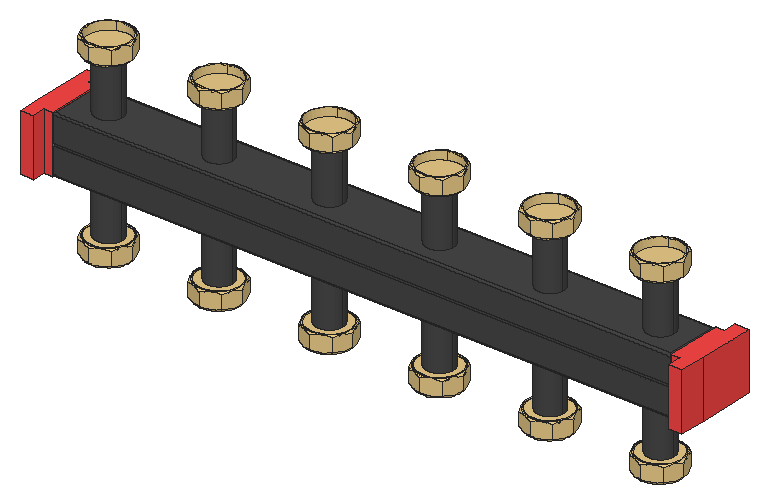
Revit family "Распределительныt коллектора ECO 2 DN25 и DN32", category Арматура трубопроводов, Revit 2022
Family settings
  Размер круглого соединителя = Использовать диаметр
  Тип детали = Вставляется
  На основе рабочей плоскости = Нет
  Всегда вертикально = Да
  При загрузке вырезать с полостями = Нет
  Общий = Да
Parameters (values of type "ECO2 DN32 5-контуров")
  Default Elevation = 0 mm
  Description = ""
  Loss Method = (empty or 0)
  Keynote = ""
  Изготовитель = "Huch EnTEC"  # constant formula
  Группа модели = "Коллекторы ECO2"  # constant formula
  Гайка = 11.268 mm
  ΔT = 0 °C
  z = 121 mm
  Зависимость №2 = Зависимость №1 / 2  # 3
  Зависимость №1 = 6
  Q max = 0 W
  G = 15 mm
  E = 750 mm
  F = 48 mm
  D1 = 32 mm
  D = 205 mm
  Изоляция [instance] = no
  C = 130.518 mm
  Консоль = 500 mm
  Комплект консолей [instance] = no
  B = 125 mm
  ADSK_Обозначение = ""
  ADSK_Наименование краткое = "Коллектор, ECO2 DN32 5-контуров"
  ADSK_Наименование = "Распределительный коллектор ECO2 DN32 на 5 отопительных контура до 160кВт"
  ADSK_Масса_Текст = ""
  ADSK_Масса = 8.5
  ADSK_Марка = ""
  ADSK_Количество = 1  # constant formula
  ADSK_Код изделия = ""
  ADSK_Завод-изготовитель = "Huch EnTEC"  # constant formula
  ADSK_Единица измерения = "шт."  # constant formula
  A = 62.5 mm
Types (6, lengths in mm): name | Зависимость №2 | Зависимость №1 | E | D1 | D | Консоль | ADSK_Наименование краткое | ADSK_Наименование | ADSK_Масса
  (no name) | 3 | 6 | 750 | 32 | 205 | 500 | "Коллектор, ECO2 DN32 5-контуров" | "Распределительный коллектор ECO2 DN32 на 5 отопительных контура до 160кВт" | 8.5
  ECO2 DN25 3-контура | 2 | 4 | 500 | 25 | 178 | 250 | "Коллектор, ECO2 DN25 3-контура" | "Распределительный коллектор ECO2 DN25 на 3 отопительных контура до 120кВт" | 5.8
  ECO2 DN25 5-контуров | 3 | 6 | 750 | 25 | 205 | 500 | "Коллектор, ECO2 DN25 5-контуров" | "Распределительный коллектор ECO2 DN25 на 5 отопительных контура до 120кВт" | 8.5
  ECO2 DN25 7-контуров | 4 | 8 | 1000 | 25 | 205 | 750 | "Коллектор, ECO2 DN25 7-контуров" | "Распределительный коллектор ECO2 DN25 на 7 отопительных контура до 120кВт" | 1
  ECO2 DN32 3-контура | 2 | 4 | 500 | 32 | 178 | 250 | "Коллектор, ECO2 DN32 3-контура" | "Распределительный коллектор ECO2 DN32 на 3 отопительных контура до 160кВт" | 5.8
  ECO2 DN32 5-контуров | 3 | 6 | 750 | 32 | 205 | 500 | "Коллектор, ECO2 DN32 5-контуров" | "Распределительный коллектор ECO2 DN32 на 5 отопительных контура до 160кВт" | 8.5
Reference planes
  plane 1 "По центру (Вперед/Назад)": y = 0
  plane 2: z = 0
  plane 3 "По центру (Влево/Вправо)": x = 0
  plane 4: x = -375
  plane 5 "Right": x = 375
  plane 6: z = 102.5
  plane 7: z = -102.5
  plane 8: y = 65.259
  plane 9: y = -65.259
  plane 10: x = -312.5
  plane 11: x = -187.5
  plane 12: x = -267.187
  plane 13: z = 60.5
  plane 14: z = -60.5
  plane 15: z = 53.264
  plane 16: z = -53.264
  plane 17: y = -60.759
  plane 18: x = -232.787
  plane 19: y = 60.759
  plane 20: z = 53.264
  plane 21: z = -53.264
  plane 22: x = 232.788
  plane 23: z = 101.681
  plane 24: z = 97.476
  plane 25: z = 76.074
  plane 26: z = 66.362
  plane 27 "Ширина гайки": x = -338.194
  plane 28: x = 267.187
  plane 29: x = 312.5
  plane 30: x = 187.5
  plane 31: x = -283.615
  plane 32: x = -327.803
  plane 33: z = -82.476
  plane 34: z = -76.074
  plane 35: x = -297.197
  plane 36: x = -172.197
  plane 37: x = -250
  plane 38: x = 250
  plane 39: x = 350
  plane 40: x = -350
  plane 41: y = -31.772
  plane 42: z = 32.366
  plane 43: y = 31.772
  plane 44: z = -32.366
  plane 45: x = -62.5
  plane 46: x = 62.5
  plane 47: z = 69.824
  plane 48: z = -69.824
Forms (mm)
  Extrusion 1, solid, material "Huch EnTEC _Black", visible <- "Изоляция"
    sketch origin (0, 0, 0) x (0, 1, 0) y (0, 0, -1)
      loop
        line (-60.759, 51.264) -> (-60.759, -51.264)
        arc (-60.759, -51.264) -> (-60.173, -52.678) -> (-58.759, -53.264) r 2
        line (-58.759, -53.264) -> (-31.502, -53.264)
        arc (-31.502, -53.264) -> (-30.379, -54.386) -> (-29.257, -53.264) r 1.122
        line (-29.257, -53.264) -> (0, -53.264) -> (0, 53.264) -> (-29.257, 53.264)
        arc (-29.257, 53.264) -> (-30.379, 54.386) -> (-31.502, 53.264) r 1.122
        line (-31.502, 53.264) -> (-58.759, 53.264)
        arc (-58.759, 53.264) -> (-60.173, 52.678) -> (-60.759, 51.264) r 2
    from -267.187 to -232.788
  Extrusion 2, solid, material "Huch EnTEC _Black", visible <- "Изоляция"
    sketch origin (0, 0, 0) x (0, -1, 0) y (0, 0, 1)
      loop
        arc (-60.759, -51.264) -> (-60.173, -52.678) -> (-58.759, -53.264) r 2
        line (-58.759, -53.264) -> (-31.502, -53.264)
        arc (-31.502, -53.264) -> (-30.379, -54.386) -> (-29.257, -53.264) r 1.122
        line (-29.257, -53.264) -> (0, -53.264) -> (0, 53.264) -> (-29.257, 53.264)
        arc (-29.257, 53.264) -> (-30.379, 54.386) -> (-31.502, 53.264) r 1.122
        line (-31.502, 53.264) -> (-58.759, 53.264)
        arc (-58.759, 53.264) -> (-60.173, 52.678) -> (-60.759, 51.264) r 2
        line (-60.759, 51.264) -> (-60.759, -51.264)
    from -267.187 to -232.788
  Extrusion 3, solid, material "Huch EnTEC _Black", visible <- "Изоляция"
    sketch origin (0, 0, 0) x (0, -1, 0) y (0, 0, -1)
      loop
        line (-60.759, 51.264) -> (-60.759, -51.264)
        arc (-60.759, -51.264) -> (-60.173, -52.678) -> (-58.759, -53.264) r 2
        line (-58.759, -53.264) -> (-31.502, -53.264)
        arc (-31.502, -53.264) -> (-30.379, -54.386) -> (-29.257, -53.264) r 1.122
        line (-29.257, -53.264) -> (0, -53.264) -> (0, 53.264) -> (-29.257, 53.264)
        arc (-29.257, 53.264) -> (-30.379, 54.386) -> (-31.502, 53.264) r 1.122
        line (-31.502, 53.264) -> (-58.759, 53.264)
        arc (-58.759, 53.264) -> (-60.173, 52.678) -> (-60.759, 51.264) r 2
    from -232.787 to -267.187
  Extrusion 4, solid, material "Huch EnTEC _Black"
    sketch origin (0, 0, 0) x (1, 0, 0) y (0, 1, 0)
      loop
        circle (-312.5, 0) r 15.303
    from -95 to 95
  Extrusion 5, solid, material "Huch EnTEC _Black"
    sketch origin (125, 0, 0) x (1, 0, 0) y (0, 1, 0)
      loop
        circle (-312.5, 0) r 15.303
    from -95 to 95
  Extrusion 6, solid, material "Huch EnTEC _Black"
    sketch origin (250, 0, 0) x (1, 0, 0) y (0, 1, 0)
      loop
        circle (-312.5, 0) r 15.303
    from -95 to 95
  Extrusion 7, solid, material "Huch EnTEC _Black"
    sketch origin (375, 0, 0) x (1, 0, 0) y (0, 1, 0)
      loop
        circle (-312.5, 0) r 15.303
    from -95 to 95
  Extrusion 8, solid, material "Huch EnTEC _Black", visible <- "Изоляция"
    sketch origin (0, 0, 0) x (0, 1, 0) y (0, 0, 1)
      loop
        arc (-60.759, -51.264) -> (-60.173, -52.678) -> (-58.759, -53.264) r 2
        line (-58.759, -53.264) -> (-31.502, -53.264)
        arc (-31.502, -53.264) -> (-30.379, -54.386) -> (-29.257, -53.264) r 1.122
        line (-29.257, -53.264) -> (0, -53.264) -> (0, 53.264) -> (-29.257, 53.264)
        arc (-29.257, 53.264) -> (-30.379, 54.386) -> (-31.502, 53.264) r 1.122
        line (-31.502, 53.264) -> (-58.759, 53.264)
        arc (-58.759, 53.264) -> (-60.173, 52.678) -> (-60.759, 51.264) r 2
        line (-60.759, 51.264) -> (-60.759, -51.264)
    from -232.787 to -267.187
  Extrusion 9, solid, material "Huch EnTEC _Black"
    sketch origin (0, 0, 0) x (1, 0, 0) y (0, 0, 1)
      loop
        arc (-348, 32.366) -> (-349.414, 31.78) -> (-350, 30.366) r 2
        line (-350, 30.366) -> (-350, 1.609) -> (-348.391, 1.609) -> (-348.391, -1.609) -> (-350, -1.609) -> (-350, -30.366)
        arc (-350, -30.366) -> (-349.414, -31.78) -> (-348, -32.366) r 2
        line (-348, -32.366) -> (348, -32.366)
        arc (348, -32.366) -> (349.414, -31.78) -> (350, -30.366) r 2
        line (350, -30.366) -> (350, -1.609) -> (348.391, -1.609) -> (348.391, 1.609) -> (350, 1.609) -> (350, 30.366)
        arc (350, 30.366) -> (349.414, 31.78) -> (348, 32.366) r 2
        line (348, 32.366) -> (-348, 32.366)
    from -31.772 to 31.772
  Extrusion 10, void
    sketch origin (0, 0, 0) x (0, 1, 0) y (0, 0, 1)
      loop
        line (31.772, 30.366) -> (31.772, 32.366) -> (29.772, 32.366)
        arc (29.772, 32.366) -> (31.186, 31.78) -> (31.772, 30.366) r 2
      loop
        arc (-31.772, 30.366) -> (-31.186, 31.78) -> (-29.772, 32.366) r 2
        line (-29.772, 32.366) -> (-31.772, 32.366) -> (-31.772, 30.366)
      loop
        arc (31.772, -30.366) -> (31.186, -31.78) -> (29.772, -32.366) r 2
        line (29.772, -32.366) -> (31.772, -32.366) -> (31.772, -30.366)
      loop
        line (-31.772, -30.366) -> (-31.772, -32.366) -> (-29.772, -32.366)
        arc (-29.772, -32.366) -> (-31.186, -31.78) -> (-31.772, -30.366) r 2
    from -350 to 350
  Extrusion 11, void
    sketch origin (0, 0, 0) x (0, 1, 0) y (0, 0, 1)
      loop
        line (31.772, 1.609) -> (30.972, 1.609) -> (30.972, -1.609) -> (31.772, -1.609) -> (31.772, 1.609)
      loop
        line (-31.772, 1.609) -> (-31.772, -1.609) -> (-30.972, -1.609) -> (-30.972, 1.609) -> (-31.772, 1.609)
    from -350 to 350
  Extrusion 12, solid, material "Huch EnTEC_Red"
    sketch origin (0, 0, 0) x (1, 0, 0) y (0, 1, 0)
      loop
        line (-350.029, 31.799) -> (-360.029, 31.799) -> (-360.029, 46.799) -> (-375, 46.799) -> (-375, -18.201) -> (-375, -46.772) -> (-360.029, -46.772) -> (-360.029, -31.772) -> (-350.029, -31.772) -> (-350.029, 31.799)
    from -32.366 to 32.366
  Extrusion 13, solid, material "Huch EnTEC _Black", visible <- "Изоляция"
    sketch origin (0, 0, 0) x (0, 1, 0) y (0, 0, 1)
      loop
        line (0.014, -69.824) -> (0.014, -32.366) -> (-46.772, -32.366) -> (-46.772, 32.366) -> (0, 32.366) -> (0, 69.824) -> (-70, 69.824)
        arc (-70, 69.824) -> (-80.164, 0) -> (-70, -69.824) r 244.909
        line (-70, -69.824) -> (0.014, -69.824)
    from -375 to 375
  Extrusion 14, solid, material "Huch EnTEC_Red"
    sketch origin (-0.029, -0.003, 0) x (-1, 0, 0) y (0, -1, 0)
      loop
        line (-350.029, -31.799) -> (-350.029, 31.772) -> (-360.029, 31.772) -> (-360.029, 46.772) -> (-375, 46.772) -> (-375, 18.201) -> (-375, -46.799) -> (-360.029, -46.799) -> (-360.029, -31.799) -> (-350.029, -31.799)
    from -32.366 to 32.366
  Extrusion 15, solid, material "Huch EnTEC _Black", visible <- "Изоляция"
    sketch origin (0, 0, 0) x (0, -1, 0) y (0, 0, -1)
      loop
        line (0.014, 69.824) -> (-70, 69.824)
        arc (-70, 69.824) -> (-80.164, 0) -> (-70, -69.824) r 244.909
        line (-70, -69.824) -> (0, -69.824) -> (0, -32.366) -> (-46.772, -32.366) -> (-46.772, 32.366) -> (0.014, 32.366) -> (0.014, 69.824)
    from -375 to 375
  Extrusion 16, solid, material "Huch EnTEC_Silver", visible <- "Комплект консолей"
    sketch origin (0, 0, 0) x (0, 1, 0) y (0, 0, 1)
      loop
        line (-73.45, -69.824) -> (73.45, -69.824) -> (73.45, 69.824) -> (-73.45, 69.824) -> (-73.45, -69.824)
      loop
        line (132.075, 69.824) -> (132.075, 119.824) -> (127.075, 119.824) -> (127.075, 74.824) -> (-78.7, 74.824) -> (-103.7, 74.824) -> (-103.7, 65.723) -> (-85.982, 65.723)
        arc (-85.982, 65.723) -> (-82.289, 64.193) -> (-80.759, 60.5) r 5.223
        line (-80.759, 60.5) -> (-80.759, -60.5)
        arc (-80.759, -60.5) -> (-82.289, -64.193) -> (-85.982, -65.723) r 5.223
        line (-85.982, -65.723) -> (-103.7, -65.723) -> (-103.7, -74.824) -> (-78.7, -74.824) -> (127.075, -74.824) -> (127.075, -133.574) -> (132.075, -133.574) -> (132.075, -69.824) -> (95.982, -69.824) -> (95.982, -65.723) -> (85.982, -65.723)
        arc (85.982, -65.723) -> (82.289, -64.193) -> (80.759, -60.5) r 5.223
        line (80.759, -60.5) -> (80.759, 60.5)
        arc (80.759, 60.5) -> (82.289, 64.193) -> (85.982, 65.723) r 5.223
        line (85.982, 65.723) -> (95.982, 65.723) -> (95.982, 69.824) -> (132.075, 69.824)
    from -232.787 to -267.187
  Extrusion 17, void
    sketch origin (0, 0, 0) x (1, 0, 0) y (0, 1, 0)
      loop
        arc (-242.741, -36.982) -> (-250.241, -29.482) -> (-257.741, -36.982) r 7.5
        line (-257.741, -36.982) -> (-257.741, -85.759)
        arc (-257.741, -85.759) -> (-250.241, -93.259) -> (-242.741, -85.759) r 7.5
        line (-242.741, -85.759) -> (-242.741, -36.982)
      loop
        arc (-242.707, 109.613) -> (-250.207, 117.113) -> (-257.707, 109.613) r 7.5
        line (-257.707, 109.613) -> (-257.707, 66.497)
        arc (-257.707, 66.497) -> (-250.207, 58.997) -> (-242.707, 66.497) r 7.5
        line (-242.707, 66.497) -> (-242.707, 109.613)
    from 69.824 to 74.824
  Extrusion 18, void
    sketch origin (749.975, 0, -144.648) x (1, 0, 0) y (0, 1, 0)
      loop
        arc (-492.741, -36.982) -> (-500.241, -29.482) -> (-507.741, -36.982) r 7.5
        line (-507.741, -36.982) -> (-507.741, -85.759)
        arc (-507.741, -85.759) -> (-500.241, -93.259) -> (-492.741, -85.759) r 7.5
        line (-492.741, -85.759) -> (-492.741, -36.982)
      loop
        arc (-492.707, 109.613) -> (-500.207, 117.113) -> (-507.707, 109.613) r 7.5
        line (-507.707, 109.613) -> (-507.707, 66.497)
        arc (-507.707, 66.497) -> (-500.207, 58.997) -> (-492.707, 66.497) r 7.5
        line (-492.707, 66.497) -> (-492.707, 109.613)
    from 69.824 to 74.824
  Extrusion 19, void
    sketch origin (0, 0, 0) x (1, 0, 0) y (0, 1, 0)
      loop
        line (-257.741, -36.982) -> (-257.741, -85.759)
        arc (-257.741, -85.759) -> (-250.241, -93.259) -> (-242.741, -85.759) r 7.5
        line (-242.741, -85.759) -> (-242.741, -36.982)
        arc (-242.741, -36.982) -> (-250.241, -29.482) -> (-257.741, -36.982) r 7.5
      loop
        arc (-242.707, 109.613) -> (-250.207, 117.113) -> (-257.707, 109.613) r 7.5
        line (-257.707, 109.613) -> (-257.707, 66.497)
        arc (-257.707, 66.497) -> (-250.207, 58.997) -> (-242.707, 66.497) r 7.5
        line (-242.707, 66.497) -> (-242.707, 109.613)
    from -74.824 to -69.824
  Extrusion 20, solid, material "Huch EnTEC_Silver", visible <- "Комплект консолей"
    sketch origin (749.975, 0, 0) x (0, 1, 0) y (0, 0, 1)
      loop
        line (-73.45, -69.824) -> (73.45, -69.824) -> (73.45, 69.824) -> (-73.45, 69.824) -> (-73.45, -69.824)
      loop
        line (132.075, 69.824) -> (132.075, 119.824) -> (127.075, 119.824) -> (127.075, 74.824) -> (-78.7, 74.824) -> (-103.7, 74.824) -> (-103.7, 65.723) -> (-85.982, 65.723)
        arc (-85.982, 65.723) -> (-82.289, 64.193) -> (-80.759, 60.5) r 5.223
        line (-80.759, 60.5) -> (-80.759, -60.5)
        arc (-80.759, -60.5) -> (-82.289, -64.193) -> (-85.982, -65.723) r 5.223
        line (-85.982, -65.723) -> (-103.7, -65.723) -> (-103.7, -74.824) -> (-78.7, -74.824) -> (127.075, -74.824) -> (127.075, -133.574) -> (132.075, -133.574) -> (132.075, -69.824) -> (95.982, -69.824) -> (95.982, -65.723) -> (85.982, -65.723)
        arc (85.982, -65.723) -> (82.289, -64.193) -> (80.759, -60.5) r 5.223
        line (80.759, -60.5) -> (80.759, 60.5)
        arc (80.759, 60.5) -> (82.289, 64.193) -> (85.982, 65.723) r 5.223
        line (85.982, 65.723) -> (95.982, 65.723) -> (95.982, 69.824) -> (132.075, 69.824)
    from -482.787 to -517.187
  Extrusion 21, void
    sketch origin (749.975, 0, 0) x (1, 0, 0) y (0, 1, 0)
      loop
        arc (-492.741, -36.982) -> (-500.241, -29.482) -> (-507.741, -36.982) r 7.5
        line (-507.741, -36.982) -> (-507.741, -85.759)
        arc (-507.741, -85.759) -> (-500.241, -93.259) -> (-492.741, -85.759) r 7.5
        line (-492.741, -85.759) -> (-492.741, -36.982)
      loop
        arc (-492.707, 109.613) -> (-500.207, 117.113) -> (-507.707, 109.613) r 7.5
        line (-507.707, 109.613) -> (-507.707, 66.497)
        arc (-507.707, 66.497) -> (-500.207, 58.997) -> (-492.707, 66.497) r 7.5
        line (-492.707, 66.497) -> (-492.707, 109.613)
    from 69.824 to 74.824
  Extrusion 22, void
    sketch origin (749.975, 0, 0) x (1, 0, 0) y (0, 1, 0)
      loop
        line (-507.741, -36.982) -> (-507.741, -85.759)
        arc (-507.741, -85.759) -> (-500.241, -93.259) -> (-492.741, -85.759) r 7.5
        line (-492.741, -85.759) -> (-492.741, -36.982)
        arc (-492.741, -36.982) -> (-500.241, -29.482) -> (-507.741, -36.982) r 7.5
      loop
        arc (-492.707, 109.613) -> (-500.207, 117.113) -> (-507.707, 109.613) r 7.5
        line (-507.707, 109.613) -> (-507.707, 66.497)
        arc (-507.707, 66.497) -> (-500.207, 58.997) -> (-492.707, 66.497) r 7.5
        line (-492.707, 66.497) -> (-492.707, 109.613)
    from -74.824 to -69.824
  Extrusion 23, solid, material "Huch EnTEC_Silver", visible <- "Комплект консолей"
    sketch origin (0, 0, 0) x (1, 0, 0) y (0, 1, 0)
      loop
        line (-250, -82.168) -> (-255.919, -85.6) -> (-255.919, -92.464) -> (-250, -95.896) -> (-244.056, -92.464) -> (-244.056, -85.6) -> (-250, -82.168)
      loop
        line (250, -82.168) -> (244.056, -85.6) -> (244.056, -92.464) -> (250, -95.896) -> (255.919, -92.464) -> (255.919, -85.6) -> (250, -82.168)
    from -65.723 to -60.508
  Extrusion 24, solid, material "Huch EnTEC _Black"
    sketch origin (500, 0, 0) x (1, 0, 0) y (0, 1, 0)
      loop
        circle (-312.5, 0) r 15.303
    from -95 to 95
  Extrusion 25, solid, material "Huch EnTEC _Black"
    sketch origin (625, 0, 0) x (1, 0, 0) y (0, 1, 0)
      loop
        circle (-312.5, 0) r 15.303
    from -95 to 95
Cuts and joins
  Extrusion 10, Extrusion 11, Extrusion 17, Extrusion 19 cuts Extrusion 9
  Extrusion 17, Extrusion 18, Extrusion 19, Extrusion 21, Extrusion 22 cuts Extrusion 13
  Extrusion 18, Extrusion 19, Extrusion 21, Extrusion 22 cuts Extrusion 15
  Extrusion 17, Extrusion 19 cuts Extrusion 8
  Extrusion 17, Extrusion 18, Extrusion 19, Extrusion 21, Extrusion 22 cuts Extrusion 16
  Extrusion 19 cuts Extrusion 3
  Extrusion 21, Extrusion 22 cuts Extrusion 20
Dimensions and locks
  equal spacing: plane 5 "Right", plane 3 "По центру (Влево/Вправо)", plane 4
  "E": plane 5 "Right" to plane 4
  equal spacing: plane 6, level, plane 7
  "D": plane 6 to plane 7
  "A": plane 10 to plane 4
  "B": plane 11 to plane 10
  equal spacing: plane 8, plane 1 "По центру (Вперед/Назад)", plane 9
  "C": plane 8 to plane 9
  equal spacing: plane 13, level, plane 14
  "z": plane 13 to plane 14
  "A": plane 5 "Right" to plane 29
  "B": plane 30 to plane 29
  locked: plane 28 to plane 22 at 34.4
  locked: plane 5 "Right" to plane 28 at 107.813
  locked: plane 12 to plane 4 at 107.813
  locked: plane 18 to plane 12 at 34.4
  equal spacing: group 1, group 2, group 3, group 4, group 9, group 10  (x3)
  locked: Extrusion 4 to plane 4 at 47.197
  equal spacing: group 5, group 6, group 7, group 8, group 11, group 12  (x3)
  locked: nested 1 to plane 4 at 35.17
  nested 1 to nested 3 = 125 mm
  locked: nested 1 to nested 3 at 125
  locked: plane 35 to plane 10 at 15.303
  "B": plane 36 to plane 35
  equal spacing: plane 38, plane 3 "По центру (Влево/Вправо)", plane 37
  "Консоль": plane 38 to plane 37
  locked: plane 38 to plane 39 at 100
  locked: plane 37 to plane 40 at 100
  "B": plane 46 to plane 30
  "B": plane 45 to plane 46
  locked: plane 45 to connector elem  (x2)
  locked: connector elem to plane 1 "По центру (Вперед/Назад)"  (x8)
  locked: plane 46 to connector elem  (x2)
  locked: plane 30 to connector elem  (x2)
  locked: plane 29 to connector elem  (x2)
  equal spacing: plane 47, level, plane 48
  plane 47 to plane 48 = 139.648 mm
  plane 4 to plane 5 "Right" = 750 mm
  Extrusion 16 sketch curve to Extrusion 13 = 5 mm
  locked: cut or joined group of Extrusion 16, Extrusion 17, Extrusion 18, Extrusion 19, Extrusion 21, Extrusion 22 to cut or joined group of Extrusion 16, Extrusion 17, Extrusion 18, Extrusion 19, Extrusion 21, Extrusion 22 at 9.447  (x3)
  locked: cut or joined group of Extrusion 16, Extrusion 17, Extrusion 18, Extrusion 19, Extrusion 21, Extrusion 22 to cut or joined group of Extrusion 16, Extrusion 17, Extrusion 18, Extrusion 19, Extrusion 21, Extrusion 22 at 9.953  (x3)
  locked: cut or joined group of Extrusion 16, Extrusion 17, Extrusion 18, Extrusion 19, Extrusion 21, Extrusion 22 to cut or joined group of Extrusion 16, Extrusion 17, Extrusion 18, Extrusion 19, Extrusion 21, Extrusion 22 at 9.48  (x3)
  locked: cut or joined group of Extrusion 16, Extrusion 17, Extrusion 18, Extrusion 19, Extrusion 21, Extrusion 22 to cut or joined group of Extrusion 16, Extrusion 17, Extrusion 18, Extrusion 19, Extrusion 21, Extrusion 22 at 9.92  (x2)
  "Гайка": Extrusion 23 sketch curve to cut or joined group of Extrusion 16, Extrusion 17, Extrusion 18, Extrusion 19, Extrusion 21, Extrusion 22
  "Гайка": cut or joined group of Extrusion 16, Extrusion 17, Extrusion 18, Extrusion 19, Extrusion 21, Extrusion 22 to Extrusion 23 sketch curve
  "Гайка": cut or joined group of Extrusion 20, Extrusion 21, Extrusion 22 to Extrusion 23 sketch curve
  "Гайка": Extrusion 23 sketch curve to cut or joined group of Extrusion 20, Extrusion 21, Extrusion 22
  plane 24 to level = 97.476 mm
  aligned and locked: level to plane 2
  aligned and locked: plane 35 to Extrusion 4
  aligned and locked: plane 36 to Extrusion 5
  aligned and locked: plane 18 to Extrusion 3
  aligned and locked: Extrusion 3 to plane 12
  aligned and locked: Extrusion 8 to plane 12
  aligned and locked: plane 18 to Extrusion 8
  aligned and locked: plane 22 to Extrusion 1
  aligned and locked: plane 22 to Extrusion 2
  aligned and locked: plane 28 to Extrusion 1
  aligned and locked: plane 28 to Extrusion 2
  aligned and locked: Extrusion 9 sketch curve to plane 40  (x2)
  aligned and locked: Extrusion 9 sketch curve to plane 39  (x2)
  aligned and locked: Extrusion 9 to plane 43
  aligned and locked: Extrusion 10 to plane 40
  aligned and locked: plane 39 to Extrusion 10
  aligned and locked: plane 40 to Extrusion 11
  aligned and locked: plane 39 to Extrusion 11
  aligned and locked: plane 5 "Right" to Extrusion 13
  aligned and locked: Extrusion 13 to plane 4
  aligned and locked: Extrusion 15 to plane 4
  aligned and locked: plane 5 "Right" to Extrusion 15
  aligned and locked: plane 18 to Extrusion 16
  aligned and locked: Extrusion 16 to plane 12
  aligned and locked: Extrusion 20 to Extrusion 1
  aligned and locked: plane 22 to Extrusion 20
Automatic sketch dimensions
  Extrusion 1 sketch curve to plane 17 = 0 mm
  Extrusion 1 sketch curve to plane 15 = 0 mm
  plane 16 to Extrusion 1 sketch curve = 0 mm
  Extrusion 1 sketch curve to plane 1 "По центру (Вперед/Назад)" = 0 mm
  Extrusion 1 sketch curve to Extrusion 1 sketch curve = 2 mm  (x2)
  plane 41 to Extrusion 1 sketch curve = 0.27 mm  (x2)
  Extrusion 1 sketch curve to Extrusion 1 sketch curve = 1.122 mm  (x2)
  Extrusion 8 sketch curve to plane 17 = 0 mm
  Extrusion 8 sketch curve to plane 15 = 0 mm
  plane 16 to Extrusion 8 sketch curve = 0 mm
  Extrusion 8 sketch curve to plane 1 "По центру (Вперед/Назад)" = 0 mm
  Extrusion 8 sketch curve to Extrusion 8 sketch curve = 2 mm  (x2)
  plane 41 to Extrusion 8 sketch curve = 0.27 mm  (x2)
  Extrusion 8 sketch curve to Extrusion 8 sketch curve = 1.122 mm  (x2)
  Extrusion 13 sketch curve to plane 48 = 0 mm
  Extrusion 13 sketch curve to plane 47 = 0 mm
  Extrusion 13 sketch curve to plane 42 = 0 mm
  Extrusion 13 sketch curve to plane 44 = 0 mm
  Extrusion 13 sketch curve to plane 1 "По центру (Вперед/Назад)" = 0 mm
  Extrusion 13 sketch curve to level = 0 mm
  Extrusion 13 sketch curve to plane 17 = 13.987 mm
  plane 9 to Extrusion 13 sketch curve = 4.741 mm
  Extrusion 13 sketch curve to plane 1 "По центру (Вперед/Назад)" = 0.014 mm
  plane 8 to Extrusion 13 sketch curve = 99.486 mm
  Extrusion 15 sketch curve to plane 48 = 0 mm
  Extrusion 15 sketch curve to plane 47 = 0 mm
  plane 42 to Extrusion 15 sketch curve = 0 mm
  plane 44 to Extrusion 15 sketch curve = 0 mm
  Extrusion 15 sketch curve to plane 1 "По центру (Вперед/Назад)" = 0 mm
  Extrusion 15 sketch curve to level = 0 mm
  Extrusion 15 sketch curve to plane 19 = 13.987 mm
  plane 8 to Extrusion 15 sketch curve = 4.741 mm
  plane 1 "По центру (Вперед/Назад)" to Extrusion 15 sketch curve = 0.014 mm
  plane 9 to Extrusion 15 sketch curve = 99.486 mm
  plane 48 to Extrusion 16 sketch curve = 4.101 mm  (x2)
  plane 13 to Extrusion 16 sketch curve = 0 mm  (x2)
  Extrusion 16 sketch curve to plane 14 = 0 mm  (x2)
  plane 9 to Extrusion 16 sketch curve = 38.441 mm
  Extrusion 16 sketch curve to Extrusion 16 sketch curve = 17.718 mm  (x2)
  Extrusion 16 sketch curve to Extrusion 16 sketch curve = 7.282 mm  (x2)
  Extrusion 16 sketch curve to plane 34 = 1.25 mm
  Extrusion 16 sketch curve to Extrusion 16 sketch curve = 5.25 mm
  Extrusion 16 sketch curve to plane 26 = 0.639 mm  (x2)
  Extrusion 16 sketch curve to Extrusion 16 sketch curve = 10 mm  (x2)
  Extrusion 16 sketch curve to Extrusion 16 sketch curve = 31.093 mm  (x2)
  plane 23 to Extrusion 16 sketch curve = 18.143 mm
  Extrusion 16 sketch curve to Extrusion 16 sketch curve = 5 mm  (x2)
  plane 7 to Extrusion 16 sketch curve = 31.074 mm
  plane 8 to Extrusion 16 sketch curve = 8.191 mm
  Extrusion 16 sketch curve to plane 47 = 0 mm  (x2)
  Extrusion 16 sketch curve to Extrusion 16 sketch curve = 12.532 mm
  Extrusion 16 sketch curve to plane 48 = 0 mm  (x2)
  plane 38 to Extrusion 18 sketch curve = 7.766 mm
  plane 38 to Extrusion 18 sketch curve = 7.732 mm
  plane 38 to Extrusion 18 sketch curve = 0.266 mm
  plane 38 to Extrusion 18 sketch curve = 0.232 mm
  plane 9 to Extrusion 18 sketch curve = 20.5 mm
  Extrusion 18 sketch curve to plane 41 = 5.21 mm
  plane 8 to Extrusion 18 sketch curve = 1.238 mm
  Extrusion 18 sketch curve to Extrusion 18 sketch curve = 43.116 mm
  plane 13 to Extrusion 20 sketch curve = 0 mm  (x2)
  Extrusion 20 sketch curve to plane 14 = 0 mm  (x2)
  Extrusion 20 sketch curve to plane 48 = 0 mm  (x2)
  Extrusion 20 sketch curve to plane 47 = 0 mm  (x2)
  Extrusion 20 sketch curve to plane 25 = 1.25 mm
  plane 9 to Extrusion 20 sketch curve = 38.441 mm  (x2)
  Extrusion 20 sketch curve to plane 34 = 1.25 mm
  Extrusion 20 sketch curve to Extrusion 20 sketch curve = 17.718 mm  (x2)
  plane 48 to Extrusion 20 sketch curve = 4.101 mm
  Extrusion 20 sketch curve to Extrusion 20 sketch curve = 7.282 mm  (x2)
  Extrusion 20 sketch curve to Extrusion 20 sketch curve = 5.25 mm
  plane 8 to Extrusion 20 sketch curve = 8.191 mm
  Extrusion 20 sketch curve to Extrusion 20 sketch curve = 7.309 mm
  Extrusion 20 sketch curve to Extrusion 20 sketch curve = 5.223 mm
  Extrusion 20 sketch curve to plane 26 = 0.639 mm
  Extrusion 20 sketch curve to Extrusion 20 sketch curve = 10 mm  (x2)
  plane 23 to Extrusion 20 sketch curve = 18.143 mm
  Extrusion 20 sketch curve to Extrusion 20 sketch curve = 31.093 mm
  plane 8 to Extrusion 20 sketch curve = 61.816 mm
  Extrusion 20 sketch curve to Extrusion 20 sketch curve = 5 mm  (x2)
  plane 7 to Extrusion 20 sketch curve = 31.074 mm
  plane 38 to Extrusion 21 sketch curve = 7.766 mm
  plane 38 to Extrusion 21 sketch curve = 7.732 mm
  plane 38 to Extrusion 21 sketch curve = 0.266 mm
  plane 38 to Extrusion 21 sketch curve = 0.232 mm
  plane 9 to Extrusion 21 sketch curve = 20.5 mm
  Extrusion 21 sketch curve to plane 41 = 5.21 mm
  plane 8 to Extrusion 21 sketch curve = 1.238 mm
  Extrusion 21 sketch curve to Extrusion 21 sketch curve = 43.116 mm
  plane 38 to Extrusion 22 sketch curve = 7.766 mm
  plane 38 to Extrusion 22 sketch curve = 7.732 mm
  plane 38 to Extrusion 22 sketch curve = 0.266 mm
  plane 38 to Extrusion 22 sketch curve = 0.232 mm
  plane 9 to Extrusion 22 sketch curve = 20.5 mm
  Extrusion 22 sketch curve to plane 41 = 5.21 mm
  plane 8 to Extrusion 22 sketch curve = 1.238 mm
  Extrusion 22 sketch curve to Extrusion 22 sketch curve = 43.116 mm
  Extrusion 2 sketch curve to plane 19 = 0 mm
  Extrusion 2 sketch curve to plane 15 = 0 mm
  plane 16 to Extrusion 2 sketch curve = 0 mm
  Extrusion 2 sketch curve to plane 1 "По центру (Вперед/Назад)" = 0 mm
  Extrusion 2 sketch curve to Extrusion 2 sketch curve = 2 mm  (x2)
  plane 43 to Extrusion 2 sketch curve = 0.27 mm  (x2)
  Extrusion 2 sketch curve to Extrusion 2 sketch curve = 1.122 mm  (x2)
  Extrusion 3 sketch curve to plane 19 = 0 mm
  Extrusion 3 sketch curve to plane 15 = 0 mm
  plane 16 to Extrusion 3 sketch curve = 0 mm
  Extrusion 3 sketch curve to plane 1 "По центру (Вперед/Назад)" = 0 mm
  Extrusion 3 sketch curve to Extrusion 3 sketch curve = 2 mm  (x2)
  plane 43 to Extrusion 3 sketch curve = 0.27 mm  (x2)
  Extrusion 3 sketch curve to Extrusion 3 sketch curve = 1.122 mm  (x2)
  Extrusion 9 sketch curve to plane 44 = 0 mm
  Extrusion 9 sketch curve to plane 42 = 0 mm
  Extrusion 9 sketch curve to plane 40 = 1.609 mm
  Extrusion 9 sketch curve to plane 40 = 2 mm  (x2)
  Extrusion 9 sketch curve to plane 39 = 2 mm  (x2)
  Extrusion 9 sketch curve to plane 39 = 1.609 mm
  Extrusion 9 sketch curve to level = 1.609 mm  (x2)
  level to Extrusion 9 sketch curve = 1.609 mm  (x2)
  Extrusion 10 sketch curve to plane 41 = 0 mm  (x2)
  Extrusion 10 sketch curve to plane 42 = 0 mm
  plane 44 to Extrusion 10 sketch curve = 0 mm  (x2)
  plane 42 to Extrusion 10 sketch curve = 0 mm
  Extrusion 10 sketch curve to plane 43 = 0 mm  (x2)
  Extrusion 10 sketch curve to Extrusion 10 sketch curve = 2 mm  (x3)
  plane 43 to Extrusion 10 sketch curve = 2 mm
  Extrusion 11 sketch curve to plane 41 = 0 mm
  Extrusion 11 sketch curve to plane 43 = 0 mm
  Extrusion 11 sketch curve to Extrusion 11 sketch curve = 0.8 mm
  plane 43 to Extrusion 11 sketch curve = 0.8 mm
  Extrusion 11 sketch curve to level = 1.609 mm  (x2)
  level to Extrusion 11 sketch curve = 1.609 mm  (x2)
  Extrusion 12 sketch curve to plane 4 = 0 mm
  Extrusion 12 sketch curve to plane 41 = 0 mm
  plane 40 to Extrusion 12 sketch curve = 10.029 mm  (x2)
  plane 40 to Extrusion 12 sketch curve = 0.029 mm
  Extrusion 12 sketch curve to plane 17 = 13.987 mm
  plane 41 to Extrusion 12 sketch curve = 13.571 mm
  Extrusion 12 sketch curve to plane 43 = 0.028 mm
  Extrusion 12 sketch curve to plane 19 = 13.959 mm
  Extrusion 14 sketch curve to plane 39 = 0 mm
  plane 39 to Extrusion 14 sketch curve = 10 mm  (x2)
  Extrusion 14 sketch curve to plane 5 "Right" = 0.029 mm
  Extrusion 14 sketch curve to plane 19 = 13.962 mm
  Extrusion 14 sketch curve to plane 43 = 0.025 mm
  plane 41 to Extrusion 14 sketch curve = 13.568 mm
  Extrusion 14 sketch curve to plane 41 = 0.003 mm
  Extrusion 14 sketch curve to plane 17 = 13.985 mm
  Extrusion 17 sketch curve to plane 37 = 7.741 mm
  Extrusion 17 sketch curve to plane 37 = 7.707 mm
  Extrusion 17 sketch curve to plane 37 = 0.241 mm
  Extrusion 17 sketch curve to plane 37 = 0.207 mm
  plane 9 to Extrusion 17 sketch curve = 20.5 mm
  Extrusion 17 sketch curve to plane 41 = 5.21 mm
  plane 8 to Extrusion 17 sketch curve = 1.238 mm
  Extrusion 17 sketch curve to Extrusion 17 sketch curve = 43.116 mm
  Extrusion 19 sketch curve to plane 37 = 7.741 mm
  Extrusion 19 sketch curve to plane 37 = 7.707 mm
  Extrusion 19 sketch curve to plane 37 = 0.241 mm
  Extrusion 19 sketch curve to plane 37 = 0.207 mm
  plane 9 to Extrusion 19 sketch curve = 20.5 mm
  Extrusion 19 sketch curve to plane 41 = 5.21 mm
  plane 8 to Extrusion 19 sketch curve = 1.238 mm
  Extrusion 19 sketch curve to Extrusion 19 sketch curve = 43.116 mm
  Extrusion 23 sketch curve to plane 37 = 0 mm  (x2)
  Extrusion 23 sketch curve to plane 38 = 0 mm  (x2)
  plane 9 to Extrusion 23 sketch curve = 30.637 mm  (x2)
  Extrusion 23 sketch curve to Extrusion 23 sketch curve = 3.432 mm  (x6)
  Extrusion 23 sketch curve to Extrusion 23 sketch curve = 6.864 mm  (x4)
  radius of Extrusion 4 sketch curve = 15.303 mm
  radius of Extrusion 5 sketch curve = 15.303 mm
  radius of Extrusion 6 sketch curve = 15.303 mm
  radius of Extrusion 7 sketch curve = 15.303 mm
  radius of Extrusion 24 sketch curve = 15.303 mm
  radius of Extrusion 25 sketch curve = 15.303 mm
Nested families
  nested 1: "Гайка_Восьмиугольная_Гладкая" at (-312.5, 0, 92.476) x (0, 0, 1) z (0.9239, 0.3827, 0), k <- "G", d <- "F", type "Гайка_Восьмиугольная_Гладкая"
    with Материал Huch EnTEC_1, КорректирующийРазмер 25 mm, k 15 mm, dw 50.5 mm, d 48 mm, V 40.00°, S 50.5 mm, K 19 mm
  nested 2: "Гайка_Восьмиугольная_Гладкая" at (-312.5, 0, -92.476) x (0, 0, -1) z (0.9239, 0.3827, 0), k <- "G", d <- "F", type "Гайка_Восьмиугольная_Гладкая"
    with Материал Huch EnTEC_1, КорректирующийРазмер 25 mm, k 15 mm, dw 50.5 mm, d 48 mm, V 40.00°, S 50.5 mm, K 19 mm
  nested 3: "Гайка_Восьмиугольная_Гладкая" at (-187.5, 0, 92.476) x (0, 0, 1) z (0.9239, 0.3827, 0), k <- "G", d <- "F", type "Гайка_Восьмиугольная_Гладкая"
    with Материал Huch EnTEC_1, КорректирующийРазмер 25 mm, k 15 mm, dw 50.5 mm, d 48 mm, V 40.00°, S 50.5 mm, K 19 mm
  nested 4: "Гайка_Восьмиугольная_Гладкая" at (-187.5, 0, -92.476) x (0, 0, -1) z (0.9239, 0.3827, 0), k <- "G", d <- "F", type "Гайка_Восьмиугольная_Гладкая"
    with Материал Huch EnTEC_1, КорректирующийРазмер 25 mm, k 15 mm, dw 50.5 mm, d 48 mm, V 40.00°, S 50.5 mm, K 19 mm
  nested 5: "Гайка_Восьмиугольная_Гладкая" at (-62.5, 0, 92.476) x (0, 0, 1) z (0.9239, 0.3827, 0), k <- "G", d <- "F", type "Гайка_Восьмиугольная_Гладкая"
    with Материал Huch EnTEC_1, КорректирующийРазмер 25 mm, k 15 mm, dw 50.5 mm, d 48 mm, V 40.00°, S 50.5 mm, K 19 mm
  nested 6: "Гайка_Восьмиугольная_Гладкая" at (-62.5, 0, -92.476) x (0, 0, -1) z (0.9239, 0.3827, 0), k <- "G", d <- "F", type "Гайка_Восьмиугольная_Гладкая"
    with Материал Huch EnTEC_1, КорректирующийРазмер 25 mm, k 15 mm, dw 50.5 mm, d 48 mm, V 40.00°, S 50.5 mm, K 19 mm
  nested 7: "Гайка_Восьмиугольная_Гладкая" at (62.5, 0, 92.476) x (0, 0, 1) z (0.9239, 0.3827, 0), k <- "G", d <- "F", type "Гайка_Восьмиугольная_Гладкая"
    with Материал Huch EnTEC_1, КорректирующийРазмер 25 mm, k 15 mm, dw 50.5 mm, d 48 mm, V 40.00°, S 50.5 mm, K 19 mm
  nested 8: "Гайка_Восьмиугольная_Гладкая" at (62.5, 0, -92.476) x (0, 0, -1) z (0.9239, 0.3827, 0), k <- "G", d <- "F", type "Гайка_Восьмиугольная_Гладкая"
    with Материал Huch EnTEC_1, КорректирующийРазмер 25 mm, k 15 mm, dw 50.5 mm, d 48 mm, V 40.00°, S 50.5 mm, K 19 mm
  nested 9: "Гайка_Восьмиугольная_Гладкая" at (187.5, 0, 92.476) x (0, 0, 1) z (0.9239, 0.3827, 0), k <- "G", d <- "F", type "Гайка_Восьмиугольная_Гладкая"
    with Материал Huch EnTEC_1, КорректирующийРазмер 25 mm, k 15 mm, dw 50.5 mm, d 48 mm, V 40.00°, S 50.5 mm, K 19 mm
  nested 10: "Гайка_Восьмиугольная_Гладкая" at (187.5, 0, -92.476) x (0, 0, -1) z (0.9239, 0.3827, 0), k <- "G", d <- "F", type "Гайка_Восьмиугольная_Гладкая"
    with Материал Huch EnTEC_1, КорректирующийРазмер 25 mm, k 15 mm, dw 50.5 mm, d 48 mm, V 40.00°, S 50.5 mm, K 19 mm
  nested 11: "Гайка_Восьмиугольная_Гладкая" at (312.5, 0, 92.476) x (0, 0, 1) z (0.9239, 0.3827, 0), k <- "G", d <- "F", type "Гайка_Восьмиугольная_Гладкая"
    with Материал Huch EnTEC_1, КорректирующийРазмер 25 mm, k 15 mm, dw 50.5 mm, d 48 mm, V 40.00°, S 50.5 mm, K 19 mm
  nested 12: "Гайка_Восьмиугольная_Гладкая" at (312.5, 0, -92.476) x (0, 0, -1) z (0.9239, 0.3827, 0), k <- "G", d <- "F", type "Гайка_Восьмиугольная_Гладкая"
    with Материал Huch EnTEC_1, КорректирующийРазмер 25 mm, k 15 mm, dw 50.5 mm, d 48 mm, V 40.00°, S 50.5 mm, K 19 mm
Connectors
  piping at (-62.5, 0, 102.5), diameter 32, driven by "D1"
    settings: on plane 6, index 13, connector inside diameter 609.6 mm, connector length 0 mm, flow factor 0, pipe flow 0.0 L/s, pressure drop 0.0 Pa, fitting loss kfactor 0, connector angle 0.00°, fixture units 0, engagement length 0 mm, angle of deflection 0.00°, flow configuration 0, flow direction 0, fitting loss method 0, system type 7, joint type 0, gender type 0, connector reference index 14, connector utility 0, adjustable connector no, is connector primary yes, connector description ""
  piping at (-62.5, 0, -102.5), diameter 32, driven by "D1"
    settings: on plane 7, index 14, connector inside diameter 609.6 mm, connector length 0 mm, flow factor 0, pipe flow 0.0 L/s, pressure drop 0.0 Pa, fitting loss kfactor 0, connector angle 0.00°, fixture units 0, engagement length 0 mm, angle of deflection 0.00°, flow configuration 0, flow direction 0, fitting loss method 0, system type 7, joint type 0, gender type 0, connector reference index 13, connector utility 0, adjustable connector no, is connector primary no, connector description ""
  piping at (62.5, 0, -102.5), diameter 32, driven by "D1"
    settings: on plane 7, index 15, connector inside diameter 609.6 mm, connector length 0 mm, flow factor 0, pipe flow 0.0 L/s, pressure drop 0.0 Pa, fitting loss kfactor 0, connector angle 0.00°, fixture units 0, engagement length 0 mm, angle of deflection 0.00°, flow configuration 0, flow direction 0, fitting loss method 0, system type 8, joint type 0, gender type 0, connector reference index 18, connector utility 0, adjustable connector no, is connector primary no, connector description ""
  piping at (187.5, 0, -102.5), diameter 32, driven by "D1"
    settings: on plane 7, index 16, connector inside diameter 609.6 mm, connector length 0 mm, flow factor 0, pipe flow 0.0 L/s, pressure drop 0.0 Pa, fitting loss kfactor 0, connector angle 0.00°, fixture units 0, engagement length 0 mm, angle of deflection 0.00°, flow configuration 0, flow direction 0, fitting loss method 0, system type 7, joint type 0, gender type 0, connector reference index 19, connector utility 0, adjustable connector no, is connector primary no, connector description ""
  piping at (312.5, 0, -102.5), diameter 32, driven by "D1"
    settings: on plane 7, index 17, connector inside diameter 609.6 mm, connector length 0 mm, flow factor 0, pipe flow 0.0 L/s, pressure drop 0.0 Pa, fitting loss kfactor 0, connector angle 0.00°, fixture units 0, engagement length 0 mm, angle of deflection 0.00°, flow configuration 0, flow direction 0, fitting loss method 0, system type 8, joint type 0, gender type 0, connector reference index 20, connector utility 0, adjustable connector no, is connector primary no, connector description ""
  piping at (62.5, 0, 102.5), diameter 32, driven by "D1"
    settings: on plane 6, index 18, connector inside diameter 609.6 mm, connector length 0 mm, flow factor 0, pipe flow 0.0 L/s, pressure drop 0.0 Pa, fitting loss kfactor 0, connector angle 0.00°, fixture units 0, engagement length 0 mm, angle of deflection 0.00°, flow configuration 0, flow direction 0, fitting loss method 0, system type 8, joint type 0, gender type 0, connector reference index 15, connector utility 0, adjustable connector no, is connector primary no, connector description ""
  piping at (187.5, 0, 102.5), diameter 32, driven by "D1"
    settings: on plane 6, index 19, connector inside diameter 609.6 mm, connector length 0 mm, flow factor 0, pipe flow 0.0 L/s, pressure drop 0.0 Pa, fitting loss kfactor 0, connector angle 0.00°, fixture units 0, engagement length 0 mm, angle of deflection 0.00°, flow configuration 0, flow direction 0, fitting loss method 0, system type 7, joint type 0, gender type 0, connector reference index 16, connector utility 0, adjustable connector no, is connector primary no, connector description ""
  piping at (312.5, 0, 102.5), diameter 32, driven by "D1"
    settings: on plane 6, index 20, connector inside diameter 609.6 mm, connector length 0 mm, flow factor 0, pipe flow 0.0 L/s, pressure drop 0.0 Pa, fitting loss kfactor 0, connector angle 0.00°, fixture units 0, engagement length 0 mm, angle of deflection 0.00°, flow configuration 0, flow direction 0, fitting loss method 0, system type 8, joint type 0, gender type 0, connector reference index 17, connector utility 0, adjustable connector no, is connector primary no, connector description ""
  piping at (62.5, 0, 102.481), diameter 32, driven by "D1"
    settings: on nested 7, index 21, connector inside diameter 609.6 mm, connector length 0 mm, flow factor 0, pipe flow 0.0 L/s, pressure drop 0.0 Pa, fitting loss kfactor 0, connector angle 0.00°, fixture units 0, engagement length 0 mm, angle of deflection 0.00°, flow configuration 0, flow direction 0, fitting loss method 0, system type 7, joint type 0, gender type 0, connector reference index -1, connector utility 0, adjustable connector no, is connector primary no, connector description ""
  piping at (-62.5, 0, 102.481), diameter 32, driven by "D1"
    settings: on nested 5, index 22, connector inside diameter 609.6 mm, connector length 0 mm, flow factor 0, pipe flow 0.0 L/s, pressure drop 0.0 Pa, fitting loss kfactor 0, connector angle 0.00°, fixture units 0, engagement length 0 mm, angle of deflection 0.00°, flow configuration 0, flow direction 0, fitting loss method 0, system type 7, joint type 0, gender type 0, connector reference index -1, connector utility 0, adjustable connector no, is connector primary no, connector description ""
  piping at (-187.5, 0, 102.481), diameter 32, driven by "D1"
    settings: on nested 3, index 23, connector inside diameter 609.6 mm, connector length 0 mm, flow factor 0, pipe flow 0.0 L/s, pressure drop 0.0 Pa, fitting loss kfactor 0, connector angle 0.00°, fixture units 0, engagement length 0 mm, angle of deflection 0.00°, flow configuration 0, flow direction 0, fitting loss method 0, system type 7, joint type 0, gender type 0, connector reference index -1, connector utility 0, adjustable connector no, is connector primary no, connector description ""
  piping at (-312.5, 0, 102.481), diameter 32, driven by "D1"
    settings: on nested 1, index 24, connector inside diameter 609.6 mm, connector length 0 mm, flow factor 0, pipe flow 0.0 L/s, pressure drop 0.0 Pa, fitting loss kfactor 0, connector angle 0.00°, fixture units 0, engagement length 0 mm, angle of deflection 0.00°, flow configuration 0, flow direction 0, fitting loss method 0, system type 7, joint type 0, gender type 0, connector reference index -1, connector utility 0, adjustable connector no, is connector primary no, connector description ""
  piping at (62.5, 0, -102.481), diameter 32, driven by "D1"
    settings: on nested 8, index 25, connector inside diameter 609.6 mm, connector length 0 mm, flow factor 0, pipe flow 0.0 L/s, pressure drop 0.0 Pa, fitting loss kfactor 0, connector angle 0.00°, fixture units 0, engagement length 0 mm, angle of deflection 0.00°, flow configuration 0, flow direction 0, fitting loss method 0, system type 8, joint type 0, gender type 0, connector reference index -1, connector utility 0, adjustable connector no, is connector primary no, connector description ""
  piping at (-62.5, 0, -102.481), diameter 32, driven by "D1"
    settings: on nested 6, index 26, connector inside diameter 609.6 mm, connector length 0 mm, flow factor 0, pipe flow 0.0 L/s, pressure drop 0.0 Pa, fitting loss kfactor 0, connector angle 0.00°, fixture units 0, engagement length 0 mm, angle of deflection 0.00°, flow configuration 0, flow direction 0, fitting loss method 0, system type 8, joint type 0, gender type 0, connector reference index -1, connector utility 0, adjustable connector no, is connector primary no, connector description ""
  piping at (-187.5, 0, -102.481), diameter 32, driven by "D1"
    settings: on nested 4, index 27, connector inside diameter 609.6 mm, connector length 0 mm, flow factor 0, pipe flow 0.0 L/s, pressure drop 0.0 Pa, fitting loss kfactor 0, connector angle 0.00°, fixture units 0, engagement length 0 mm, angle of deflection 0.00°, flow configuration 0, flow direction 0, fitting loss method 0, system type 8, joint type 0, gender type 0, connector reference index -1, connector utility 0, adjustable connector no, is connector primary no, connector description ""
  piping at (-312.5, 0, -102.481), diameter 32, driven by "D1"
    settings: on nested 2, index 28, connector inside diameter 609.6 mm, connector length 0 mm, flow factor 0, pipe flow 0.0 L/s, pressure drop 0.0 Pa, fitting loss kfactor 0, connector angle 0.00°, fixture units 0, engagement length 0 mm, angle of deflection 0.00°, flow configuration 0, flow direction 0, fitting loss method 0, system type 8, joint type 0, gender type 0, connector reference index -1, connector utility 0, adjustable connector no, is connector primary no, connector description ""
Definition of nested family "Гайка_Восьмиугольная_Гладкая"
  Parameters (values of type "Гайка_Восьмиугольная_Гладкая")
    Default Elevation = 0 mm
    Материал [instance] = none
    КорректирующийРазмер [instance] = 76 mm
    k [instance] = 31.635 mm
    dw [instance] = S  # 150 mm
    d [instance] = 100 mm
    V [instance] = 40.00°
    S [instance] = 150 mm
    K [instance] = 70 mm
  Reference planes
    plane 1 "По центру (Вперед/Назад)": y = 0
    plane 2: z = 0
    plane 3 "По центру (Влево/Вправо)": x = 0
    plane 4: x = 70
    plane 5: through (4267.2, -88.185, 17.881) normal (0, -0.7071, 0.7071)
    plane 6: through (4267.2, 17.881, -88.185) normal (0, -0.7071, 0.7071)
    plane 7: through (4267.2, 17.891, 88.175) normal (0, 0.7071, 0.7071)
    plane 8: through (4267.2, -88.175, -17.891) normal (0, 0.7071, 0.7071)
    plane 9: z = -75
    plane 10: z = 75
    plane 11: y = 75
    plane 12: y = -75
    plane 13: through (4267.2, 0, 0) normal (0, -0.7071, 0.7071)
    plane 14: through (4267.2, 0, 0) normal (0, 0.7071, 0.7071)
    plane 15: z = 76
    plane 16: x = 38.365
  Forms (mm)
    Extrusion 1, solid, material <- "Материал"
      sketch origin (0, 0, 0) x (0, 1, 0) y (0, 0, 1)
        loop
          line (75, 31.066) -> (31.066, 75) -> (-31.066, 75) -> (-75, 31.066) -> (-75, -31.066) -> (-31.066, -75) -> (31.066, -75) -> (75, -31.066) -> (75, 31.066)
        loop
          circle (0, 0) r 50
      from 0 to 70
    Sweep 2, void
      path origin (0, 0, 0) x (0, 1, 0) y (0, 0, 1)
        loop
          circle (0, 0) r 75
      profile origin (0, 0, 75) x (0, 0, -1) y (1, 0, 0)
        loop
          line (-1, 70) -> (-135.994, 70) -> (-135.994, 0) -> (-1, 0) -> (-42.711, 35) -> (-1, 70)
    Extrusion 3, solid, material <- "Материал"
      sketch origin (0, 0, 0) x (0, 1, 0) y (0, 0, 1)
        loop
          circle (0, 0) r 50
      from 0 to 10.005
  Cuts and joins
    Sweep 2 cuts Extrusion 1
  Dimensions and locks
    equal spacing: plane 10, level, plane 9
    equal spacing: plane 5, plane 13, plane 6
    equal spacing: plane 7, plane 14, plane 8
    equal spacing: plane 12, plane 1 "По центру (Вперед/Назад)", plane 11
    "S": plane 12 to plane 11
    "S": plane 5 to plane 6
    "S": plane 10 to plane 9
    "S": plane 7 to plane 8
    "K": plane 3 "По центру (Влево/Вправо)" to plane 4
    "КорректирующийРазмер": level to plane 15
    equal spacing: Sweep 2 sketch curve, Sweep 2 sketch curve, Sweep 2 sketch curve
    "K": Sweep 2 sketch curve to Sweep 2 sketch curve
    "k": plane 4 to plane 16
    "d": diameter of Extrusion 1 sketch curve
    "dw": diameter of Sweep 2 sketch curve
    "d": diameter of Extrusion 3 sketch curve
    "V": angle Sweep 2 sketch curve to Sweep 2 sketch curve  (x2)
    aligned and locked: level to plane 2
    aligned and locked: plane 12 to Extrusion 1 sketch curve
    aligned and locked: plane 5 to Extrusion 1 sketch curve
    aligned and locked: plane 10 to Extrusion 1 sketch curve
    aligned and locked: plane 7 to Extrusion 1 sketch curve
    aligned and locked: Extrusion 1 sketch curve to plane 11
    aligned and locked: Extrusion 1 sketch curve to plane 6
    aligned and locked: Extrusion 1 sketch curve to plane 9
    aligned and locked: Extrusion 1 sketch curve to plane 8
    aligned and locked: plane 4 to Extrusion 1
    aligned and locked: Sweep 2 sketch curve to plane 4
    aligned and locked: Sweep 2 sketch curve to plane 15
    aligned and locked: plane 15 to Sweep 2 sketch curve
  Automatic sketch dimensions
    Extrusion 1 sketch curve to plane 13 = 0 mm
    Extrusion 1 sketch curve to plane 14 = 0 mm
    Sweep 2 sketch curve to level = 0 mm
    Sweep 2 sketch curve to plane 1 "По центру (Вперед/Назад)" = 0 mm
    Sweep 2 sketch curve to Sweep 2 sketch curve = 93.282 mm
    Extrusion 3 sketch curve to level = 0 mm
    Extrusion 3 sketch curve to plane 1 "По центру (Вперед/Назад)" = 0 mm
